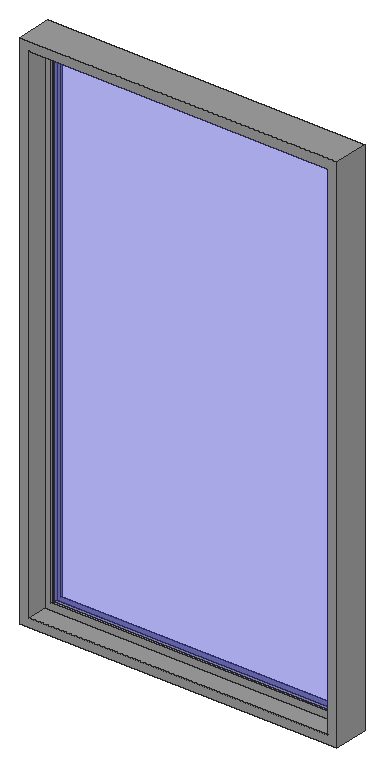
Revit family "SS_4_FX FX001", category Windows, host Wall, Revit 2015
Parameters
  Wall Thickness [instance] = 0' - 6"
  URL = "obe.com"
  Rough Width = Width + 0' 0 1/2"  # 3' - 0 1/2"
  Rough Height = Height + 0' 0 1/2"  # 5' - 0 1/2"
  Offset Limitation [instance] = if((Offset + 0' 4") > Wall Thickness, (Wall Thickness - 0' 4"), Offset)  # 0' - 0"
  Offset [instance] = 0' - 0"
  Model = "SS_4_FX FX001"
  Manufacturer = "Oldcastle BuildingEnvelope®"
  Keynote = "08 51 00"
  Height = 5' - 0"
  Glass Material = Glass
  Gasket Material = Gasket
  Frame Material = Aluminum
  Description = "SIGNATURE FIXED HUNG 4\""
  Default Sill Height = 3' - 0"
  Wall Closure = By host
  Width = 3' - 0"
  Assembly Code = "B2020"
Reference planes (in)
  plane 1 "Center (Front/Back)": y = 0
  plane 2: z = 0
  plane 3 "Center (Left/Right)": x = -6
  plane 4 "Left": x = -24.25
  plane 5 "Right": x = 12.25
  plane 6 "Sill": z = 36
  plane 7 "Top": z = 96.5
  plane 8: x = 12
  plane 9: x = -24
  plane 10: z = 96.25
  plane 11: z = 36.25
  plane 12 "Offset": y = 3
  plane 13: z = 37.312
  plane 14: z = 95.188
Forms (in)
  Sweep 1, solid, material "Aluminum" <- "Frame Material"
    path origin (0, 3, 0) x (1, 0, 0) y (0, 0, 1)
      loop
        line (-24, 36) -> (-24, 96.5)
    profile origin (-24, 3, 66.25) x (-1, 0, 0) y (0, -1, 0)
      loop
        line (0.25, 0) -> (0.25, 4) -> (-0.8125, 4) -> (-0.8125, 1.781) -> (-1.5625, 1.781) -> (-1.5625, 1.41813) -> (-1.062, 1.41813) -> (-1.062, 0.3125) -> (-1.5625, 0.3125) -> (-1.5625, 0.1875) -> (-0.8125, 0.1875) -> (-0.8125, 0) -> (0.25, 0)
  Sweep 2, solid, material "Aluminum" <- "Frame Material"
    path origin (0, 3, 0) x (1, 0, 0) y (0, 0, 1)
      loop
        line (12, 96.5) -> (12, 36)
    profile origin (12, 3, 66.25) x (0, -1, 0) y (1, 0, 0)
      loop
        line (0, 0.25) -> (0, -0.8125) -> (0.1875, -0.8125) -> (0.1875, -1.5625) -> (0.3125, -1.5625) -> (0.3125, -1.062) -> (1.41813, -1.062) -> (1.41813, -1.5625) -> (1.781, -1.5625) -> (1.781, -0.8125) -> (4, -0.8125) -> (4, 0.25) -> (0, 0.25)
  Sweep 3, solid, material "Aluminum" <- "Frame Material"
    path origin (0, 3, 0) x (1, 0, 0) y (0, 0, 1)
      loop
        line (12.25, 96.25) -> (-24.25, 96.25)
    profile origin (-6, 3, 96.25) x (0, 0, -1) y (0, -1, 0)
      loop
        line (-0.25, 0) -> (0.8125, 0) -> (0.8125, 0.1875) -> (1.5625, 0.1875) -> (1.5625, 0.3125) -> (1.062, 0.3125) -> (1.062, 1.41813) -> (1.5625, 1.41813) -> (1.5625, 1.781) -> (0.8125, 1.781) -> (0.8125, 4) -> (-0.25, 4) -> (-0.25, 0)
  Sweep 4, solid, material "Aluminum" <- "Frame Material"
    path origin (0, 3, 0) x (1, 0, 0) y (0, 0, 1)
      loop
        line (-24.25, 36.25) -> (12.25, 36.25)
    profile origin (-6, 3, 36.25) x (0, 0, 1) y (0, -1, 0)
      loop
        line (0.8125, 4) -> (-0.25, 4) -> (-0.25, 0) -> (0.8125, 0) -> (0.8125, 0.1875) -> (1.5625, 0.1875) -> (1.5625, 0.3125) -> (1.062, 0.3125) -> (1.062, 1.3125) -> (1.062, 1.41812) -> (1.5625, 1.41812) -> (1.5625, 1.781) -> (0.8125, 1.781) -> (0.8125, 4)
  Extrusion 5, solid, material "Glass" <- "Glass Material", detail levels coarse
    sketch origin (0, 0, 0) x (1, 0, 0) y (0, 1, 0)
      loop
        line (10.938, 2.6875) -> (-22.938, 2.6875) -> (-22.938, 1.6875) -> (10.938, 1.6875) -> (10.938, 2.6875)
    from 37.312 to 95.188
  Sweep 6, solid, material "Gasket" <- "Gasket Material", detail levels fine
    path origin (0, 3, 0) x (1, 0, 0) y (0, 0, 1)
      loop
        line (12, 96.25) -> (-24, 96.25) -> (-24, 36.25) -> (12, 36.25) -> (12, 96.25)
    profile origin (-6, 3, 96.25) x (0, 0, -1) y (0, -1, 0)
      loop
        arc (1.32507, 1.41812) -> (1.30534, 1.36531) -> (1.32507, 1.3125) r 0.08053
        line (1.32507, 1.3125) -> (1.44667, 1.3125)
        arc (1.44667, 1.3125) -> (1.4664, 1.36531) -> (1.44667, 1.41812) r 0.08053
        line (1.44667, 1.41812) -> (1.32507, 1.41812)
  Extrusion 7, solid, material "Glass" <- "Glass Material", detail levels medium+fine
    sketch origin (0, 0, 0) x (1, 0, 0) y (0, 1, 0)
      loop
        line (-22.938, 2.6875) -> (-22.938, 2.5625) -> (10.938, 2.5625) -> (10.938, 2.6875) -> (-22.938, 2.6875)
      loop
        line (10.938, 1.6875) -> (10.938, 1.8125) -> (-22.938, 1.8125) -> (-22.938, 1.6875) -> (10.938, 1.6875)
    from 37.312 to 95.188
Cuts and joins
  joined: Sweep 1, Sweep 2, Sweep 3, Sweep 4
Lines and regions (in)
  Opening 1
    outline origin (-60, -3, 0) x (1, 0, 0) y (0, 0, 1)
      loop
        line (35.75, 96.5) -> (35.75, 36) -> (72.25, 36) -> (72.25, 96.5) -> (35.75, 96.5)
Text (in)
  text "EXTERIOR" at (-58.6888, 60.90694, 0), in view "Ref. Level"
  text "INTERIOR" at (-58.6888, -47.76638, 0), in view "Ref. Level"
  text "Exterior" at (0, 43.65631, 123.19604), in view "Left"
  text "Exterior" at (0, 18.29385, 125.04747), in view "Right"
Dimensions and locks (in)
  equal spacing: plane 4 "Left", plane 3 "Center (Left/Right)", plane 5 "Right"
  "Rough Height": plane 6 "Sill" to plane 7 "Top"
  "Default Sill Height": plane 2 to plane 6 "Sill"
  locked: plane 6 "Sill" to plane 11 at 0.25
  locked: plane 8 to plane 5 "Right" at 0.25
  "Height": plane 11 to plane 10
  "Offset Limitation": plane 12 "Offset" to host wall
  "Wall Thickness": host wall to host wall
  "Width": plane 9 to plane 8
  "Rough Width": plane 4 "Left" to plane 5 "Right"
  locked: plane 13 to plane 11 at 1.062
  locked: plane 10 to plane 14 at 1.062
  Extrusion 5 sketch curve to Extrusion 5 sketch curve to plane 12 "Offset" = 0' - 1" locked, 0' - 0 5/16" locked
  plane 12 "Offset" to Extrusion 7 sketch curve to Extrusion 7 sketch curve to Extrusion 7 sketch curve to Extrusion 7 sketch curve = 0' - 0 5/16" locked, 0' - 0 1/8" locked, 0' - 0 3/4" locked, 0' - 0 1/8" locked
  aligned and locked: plane 7 "Top" to Opening 1 sketch curve
  aligned and locked: plane 6 "Sill" to Opening 1 sketch curve  (x2)
  aligned and locked: plane 5 "Right" to Opening 1 sketch curve
  aligned and locked: plane 4 "Left" to Opening 1 sketch curve
  aligned and locked: level to plane 2
  aligned and locked: Sweep 2 sketch curve to plane 8
  aligned and locked: plane 10 to Sweep 3 sketch curve
  aligned and locked: Sweep 4 sketch curve to plane 11
  aligned and locked: plane 14 to Extrusion 5
  aligned and locked: Extrusion 5 to plane 13
  aligned and locked: Extrusion 7 to plane 13
  aligned and locked: plane 14 to Extrusion 7
Automatic sketch dimensions
  Sweep 2 sketch curve to plane 6 "Sill" = 0' - 0"
  Sweep 2 sketch curve to plane 7 "Top" = 0' - 0"
  plane 12 "Offset" to Sweep 2 sketch curve = 0' - 0"
  Sweep 2 sketch curve to profile plane = 0' - 0 1/4"
  plane 12 "Offset" to Sweep 2 sketch curve = 0' - 0 3/16"
  Sweep 2 sketch curve to Sweep 2 sketch curve = 0' - 0 1/8"
  Sweep 2 sketch curve to Sweep 2 sketch curve = 0' - 1.10563"
  Sweep 2 sketch curve to Sweep 2 sketch curve = 0' - 0.36288"
  Sweep 2 sketch curve to Sweep 2 sketch curve = 0' - 2.219"
  profile plane to Sweep 2 sketch curve = 0' - 0 13/16"
  Sweep 2 sketch curve to Sweep 2 sketch curve = 0' - 1 1/16"
  Sweep 2 sketch curve to Sweep 2 sketch curve = 0' - 0.2495"
  Sweep 2 sketch curve to Sweep 2 sketch curve = 0' - 0.5005"  (x2)
  plane 4 "Left" to Sweep 3 sketch curve = 0' - 0"
  plane 5 "Right" to Sweep 3 sketch curve = 0' - 0"
  Sweep 3 sketch curve to plane 12 "Offset" = 0' - 0"
  profile plane to Sweep 3 sketch curve = 0' - 0 1/4"
  Sweep 3 sketch curve to profile plane = 0' - 0 13/16"  (x2)
  plane 12 "Offset" to Sweep 3 sketch curve = 0' - 0 3/16"
  Sweep 3 sketch curve to Sweep 3 sketch curve = 0' - 0.2495"
  Sweep 3 sketch curve to Sweep 3 sketch curve = 0' - 0.5005"  (x2)
  Sweep 3 sketch curve to Sweep 3 sketch curve = 0' - 0 1/8"
  Sweep 3 sketch curve to Sweep 3 sketch curve = 0' - 1.10562"
  Sweep 3 sketch curve to Sweep 3 sketch curve = 0' - 0.36288"
  Sweep 3 sketch curve to Sweep 3 sketch curve = 0' - 2.219"
  Sweep 1 sketch curve to plane 7 "Top" = 0' - 0"
  plane 9 to Sweep 1 sketch curve = 0' - 0"
  Sweep 1 sketch curve to plane 6 "Sill" = 0' - 0"
  plane 12 "Offset" to Sweep 1 sketch curve = 0' - 0"
  profile plane to Sweep 1 sketch curve = 0' - 1 9/16"
  plane 12 "Offset" to Sweep 1 sketch curve = 0' - 0 5/16"
  Sweep 1 sketch curve to Sweep 1 sketch curve = 0' - 0"
  Sweep 1 sketch curve to Sweep 1 sketch curve = 0' - 0.5005"
  Sweep 1 sketch curve to Sweep 1 sketch curve = 0' - 0.2495"
  profile plane to Sweep 1 sketch curve = 0' - 0 13/16"
  Sweep 1 sketch curve to profile plane = 0' - 0 1/4"
  plane 12 "Offset" to Sweep 1 sketch curve = 0' - 0 3/16"
  Sweep 1 sketch curve to Sweep 1 sketch curve = 0' - 1.10563"
  Sweep 1 sketch curve to Sweep 1 sketch curve = 0' - 0.36288"
  Sweep 1 sketch curve to Sweep 1 sketch curve = 0' - 2.219"
  plane 4 "Left" to Sweep 4 sketch curve = 0' - 0"
  plane 5 "Right" to Sweep 4 sketch curve = 0' - 0"
  Sweep 4 sketch curve to plane 12 "Offset" = 0' - 0"
  profile plane to Sweep 4 sketch curve = 0' - 0 1/4"
  Sweep 4 sketch curve to profile plane = 0' - 0 13/16"  (x2)
  Sweep 4 sketch curve to Sweep 4 sketch curve = 0' - 0.2495"
  Sweep 4 sketch curve to Sweep 4 sketch curve = 0' - 0.5005"  (x2)
  plane 12 "Offset" to Sweep 4 sketch curve = 0' - 0 3/16"
  Sweep 4 sketch curve to Sweep 4 sketch curve = 0' - 0 1/8"
  Sweep 4 sketch curve to Sweep 4 sketch curve = 0' - 1"
  Sweep 4 sketch curve to Sweep 4 sketch curve = 0' - 0.10562"
  Sweep 4 sketch curve to Sweep 4 sketch curve = 0' - 0.36288"
  Sweep 4 sketch curve to Sweep 4 sketch curve = 0' - 2.219"
  Extrusion 5 sketch curve to plane 9 = 0' - 1.062"
  plane 8 to Extrusion 5 sketch curve = 0' - 1.062"
  Sweep 6 sketch curve to Sweep 6 sketch curve = 0' - 0"  (x3)
  Sweep 6 sketch curve to profile plane = 0' - 1.32507"
  Sweep 6 sketch curve to Sweep 6 sketch curve = 0' - 0.0608"  (x2)
  plane 12 "Offset" to Sweep 6 sketch curve = 0' - 1 5/16"
  Sweep 6 sketch curve to Sweep 6 sketch curve = 0' - 0.05281"
  plane 9 to Sweep 6 sketch curve = 0' - 0"
  plane 8 to Sweep 6 sketch curve = 0' - 0"
  Sweep 6 sketch curve to plane 11 = 0' - 0"
  Sweep 6 sketch curve to plane 10 = 0' - 0"
  Extrusion 7 sketch curve to plane 9 = 0' - 1.062"
  Extrusion 7 sketch curve to Extrusion 7 sketch curve = 0' - 0"  (x2)
  plane 8 to Extrusion 7 sketch curve = 0' - 1.062"
